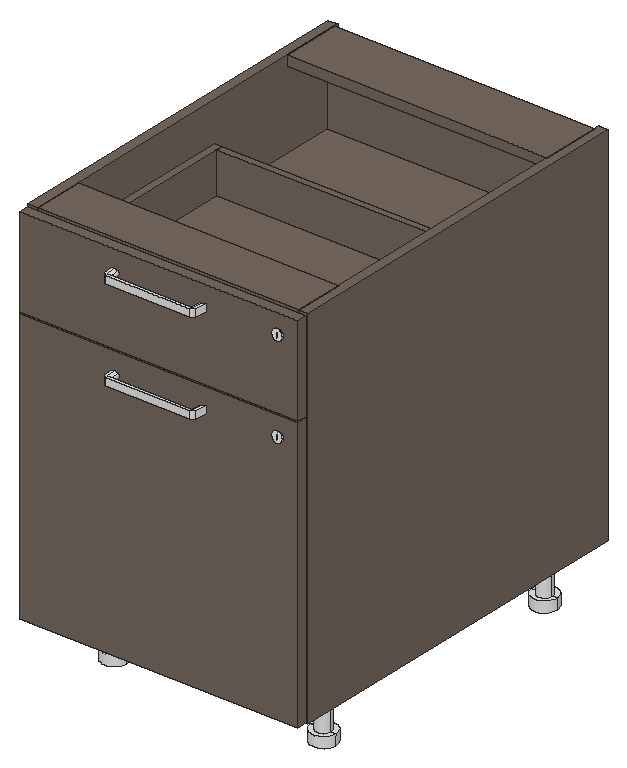
Revit family "Base_Cabinets-Teknion-CEBDS_Base_Cabinet_Door(s)_And_Drawer(s)-R2022", category Furniture, Revit 2023
Family settings
  OmniClass Number = 23.40.20.00
  OmniClass Title = General Furniture and Specialties
  Work Plane-Based = No
  Enable Cutting in Views = No
  Always vertical = Yes
  Cut with Voids When Loaded = No
  Render Appearance Source = Family Geometry
  Shared = Yes
  Room Calculation Point = No
Parameters (values of type "One Door & One Drawer Configuration")
  X - Two Doors & Two Drawers = no
  Width [instance] = 21.000"
  Warranty = "http://www.teknion.com/ca/papers/legal-canada"
  Unit Weight URL = "http://www.teknion.com/ca/tools/assets#&asset=bee6a381-b954-425e-8283-5a2de3a804f2,f828d448-4b62-4231-9e5f-9a8991c0ed77"
  Undermount - Center [instance] = and([U - Undermount - Soft Close], [X - Two Doors & Two Drawers])  # no
  Undermount [instance] = [U - Undermount - Soft Close]  # no
  URL = "www.teknion.com"
  U - Undermount - Soft Close [instance] = no
  Two Drawers = [X - Two Doors & Two Drawers]  # no
  To render please download texture images found here [instance] = "https://assets.teknion.com/web/5e81352c1dfdb467/revit-material-swatches/"
  T - Two Doors & One Drawer = no
  Sustainability Data = "https://www.teknion.com/ca/tools/assets#&topic=216f99a5-57a0-44fc-b10a-9dee9b29ae4c&asset=444deb64-fe58-4b68-981e-f75e97781df7,b4ff2d81-9f2e-437d-9659-7cffb09c31cf"
  Standard Drawer - Center [instance] = and([S - Standard - Soft Close], [X - Two Doors & Two Drawers])  # no
  Standard Drawer [instance] = [S - Standard - Soft Close]  # yes
  Series = "Expansion Casework+"  # constant formula
  S - Standard - Soft Close [instance] = not([U - Undermount - Soft Close])  # yes
  R - Door Swing - Right [instance] = no
  Pull Finish [instance] = Paint - Teknion - Foundation - Crisp Grey
  Product Page URL = "https://www.teknion.com/ca/products/product-details?productLineId=30ca1270-8e7a-673b-a6c8-ff05004460c4"
  Product Line = "Base Cabinets"  # constant formula
  Product Documentation Link = "https://www.teknion.com/pricing/expansion-casework/pdfs/CEBDS_ppg.pdf"
  Part Number = "CEBDS"  # constant formula
  One Drawer = or([O - One Door & One Drawer], [T - Two Doors & One Drawer])  # yes
  O - One Door & One Drawer = yes
  Model = "CEBDSO_____"
  Manufacturer Phone = "416-661-3370"  # constant formula
  Manufacturer Fax = "416.661.4586"  # constant formula
  Manufacturer Contact Information = "http://www.teknion.com/ca/contactus"
  Manufacturer Address = "1150 Flint Road, Toronto, ON. M3J 2J5. Canada"  # constant formula
  Manufacturer = "Teknion"  # constant formula
  MR - 2 Handles = or([T - Two Doors & One Drawer], [X - Two Doors & Two Drawers])  # no
  MR - 1 Handle = or([O - One Door & One Drawer], [T - Two Doors & One Drawer])  # yes
  Lock - 1 Door - R [instance] = and([R - Door Swing - Right], [O - One Door & One Drawer])  # no
  Lock - 2 Drawers [instance] = and([S - Standard - Soft Close], [X - Two Doors & Two Drawers])  # no
  Lock - 2 Doors = or([T - Two Doors & One Drawer], [X - Two Doors & Two Drawers])  # no
  Lock - 1 Drawer [instance] = [S - Standard - Soft Close]  # yes
  Lock - 1 Door - L [instance] = and([L - Door Swing - Left], [O - One Door & One Drawer])  # yes
  L - Door Swing - Left [instance] = yes
  How To Use Teknion Materials User Guide [instance] = "https://assets.teknion.com/m/205dd0a49fa58060/original/How-to-add-a-Material-Library-and-Texture-Images-to-your-Revit-project.pdf"
  Height [instance] = 32.000"
  Handle 2 - Drawer - 35H [instance] = and([X - Two Doors & Two Drawers], Height = 35.000")  # no
  Handle 2 - Drawer - 32H [instance] = and([X - Two Doors & Two Drawers], Height = 32.000")  # no
  Handle 2 - Door - 32H [instance] = and((or([T - Two Doors & One Drawer], [X - Two Doors & Two Drawers])), Height = 32.000")  # no
  Handle 2 - Door - 35H [instance] = and((or([T - Two Doors & One Drawer], [X - Two Doors & Two Drawers])), Height = 35.000")  # no
  Handle 1 - Drawer - 35H [instance] = and((or([O - One Door & One Drawer], [T - Two Doors & One Drawer])), Height = 35.000")  # no
  Handle 1 - Drawer - 32H [instance] = and((or([O - One Door & One Drawer], [T - Two Doors & One Drawer])), Height = 32.000")  # yes
  Handle 1 - Door - 35H [instance] = and([O - One Door & One Drawer], Height = 35.000")  # no
  Handle 1 - Door - 32H [instance] = and([O - One Door & One Drawer], Height = 32.000")  # yes
  Front Finish [instance] = Source Laminate - Teknion - 3M - Provincial Oak
  For Additional Finishes please visit [instance] = "https://assets.teknion.com/m/44a8009b046e5d47/original/Teknion_Materials_Library.zip"
  Foot Finish [instance] = Paint - Teknion - Foundation - Crisp Grey
  Drawer Style [instance] = "Select one drawer style. Standard - soft close is default."  # constant formula
  Door Swing Direction [instance] = "Door swing direction only available for configuration One Door & One Drawer (O)."  # constant formula
  Dim 9 [instance] = if(Height = 32.000", 5.886", 6.699")  # 5.886"
  Dim 8 [instance] = if((and([S - Standard - Soft Close], Height = 32.000")), 3.858", if((and([S - Standard - Soft Close], Height = 35.000")), 4.685", if((and([U - Undermount - Soft Close], Height = 32.000")), 4.331", 5.114")))  # 3.858"
  Dim 7 [instance] = if(Height = 32.000", 6.875", 7.687")  # 6.875"
  Dim 6 [instance] = if([U - Undermount - Soft Close], 19.992", 16.843")  # 16.843"
  Dim 5 [instance] = if(Width = 36.000", 9.000", if(Width = 33.000", 8.250", if(Width = 30.000", 7.500", if(Width = 27.000", 6.750", 6.000"))))  # 6.000"
  Dim 4 [instance] = if(Height = 32.000", 8.453", 9.266")  # 8.453"
  Dim 3 [instance] = if(Height = 32.000", 6.583", 7.396")  # 6.583"
  Dim 2 [instance] = if(Height = 32.000", 6.993", 7.805")  # 6.993"
  Dim 15 [instance] = if(Height = 32.000", 5.792", 6.604")  # 5.792"
  Dim 14 [instance] = if(Height = 32.000", 5.882", 6.695")  # 5.882"
  Dim 13 [instance] = if([S - Standard - Soft Close], 0.520", 0.630")  # 0.520"
  Dim 12 [instance] = if([S - Standard - Soft Close], 1.740", 1.528")  # 1.740"
  Dim 11 [instance] = if([S - Standard - Soft Close], 0.791", 1.220")  # 0.791"
  Dim 10 [instance] = if([S - Standard - Soft Close], 0.488", 1.122")  # 0.488"
  Dim 1 [instance] = if(Height = 32.000", 6.756", 7.569")  # 6.756"
  Description = "Base Cabinet - Door(s) and Drawer(s), One Door & One Drawer Configuration"
  Depth [instance] = 29.000"
  Default Elevation = 0.000"
  Cut-Out - Front 2 = if((or([T - Two Doors & One Drawer], [X - Two Doors & Two Drawers])), 3.000", 0.300")  # 0.300"
  Cut-Out - Front 1 = if([X - Two Doors & Two Drawers], 3.000", 0.300")  # 0.300"
  Configuration = ""
  Case Finish [instance] = Source Laminate - Teknion - 3M - Provincial Oak
  Available Width [instance] = if([O - One Door & One Drawer], "12, 15, 18 & 21 Inch", "24, 27, 30, 33 & 36 Inch")  # "12, 15, 18 & 21 Inch"
  Available Height [instance] = "32 & 35 Inch"  # constant formula
  Available Depth [instance] = "24 & 29 Inch"  # constant formula
  Assembly Code = "E2020200"
  Actual Height [instance] = if(Height = 32.000", Height - 0.250", Height + 0.000")  # 31.750"
  2D - Two Drawers - 29D [instance] = or((and(Two Drawers, Depth = 29.000")), (and((and(Two Drawers, Depth = 24.000")), [S - Standard - Soft Close])))  # no
  2D - Two Drawers - 24D [instance] = and((and(Two Drawers, Depth = 24.000")), [U - Undermount - Soft Close])  # no
  2D - Two Doors = or([T - Two Doors & One Drawer], [X - Two Doors & Two Drawers])  # no
  2D - One Drawer - 29D [instance] = or((and(One Drawer, Depth = 29.000")), (and((and(One Drawer, Depth = 24.000")), [S - Standard - Soft Close])))  # yes
  2D - One Drawer - 24D [instance] = and((and(One Drawer, Depth = 24.000")), [U - Undermount - Soft Close])  # no
  MR - Lock - 2 Doors / 2 Drawers [instance] = or([Lock - 2 Doors], [Lock - 2 Drawers])  # no
Reference planes (in)
  plane 1 "Center Front/Back": y = -14.5
  plane 2: z = 0
  plane 3 "Center Left/Right": x = 21
  plane 4 "Left": x = 10.5
  plane 5 "Right": x = 31.5
  plane 6 "Back": y = 0
  plane 7 "Front": y = -29
  plane 8 "Top": z = 31.75
  plane 9: x = 27
  plane 10: x = 15
  plane 11: z = 4.13386
  plane 12 "Foot 2": y = -2.59843
  plane 13 "Foot 1": y = -23.35433
  plane 14: y = -12.157
  plane 15: z = 24.875
  plane 16: y = -28.29921
  plane 17: y = -28.29921
  plane 18: y = -12.944
Forms (in)
  Sweep 1, solid, material "Source Laminate - Teknion - 3M - Provincial Oak" <- "Case Finish"
    path origin (0, 0, 0) x (1, 0, 0) y (0, 1, 0)
      loop
        line (10.5, -14.5) -> (11.20079, -14.5)
    profile origin (10.85039, -14.5, 0) x (0, 1, 0) y (0, 0, 1)
      loop
        line (14.5, 31.75) -> (-13.66142, 31.75) -> (-13.66142, 4.13386) -> (14.5, 4.13386) -> (14.5, 31.75)
  Sweep 2, solid, material "Source Laminate - Teknion - 3M - Provincial Oak" <- "Case Finish"
    path origin (0, 0, 0) x (1, 0, 0) y (0, 1, 0)
      loop
        line (31.5, -14.5) -> (30.79921, -14.5)
    profile origin (31.14961, -14.5, 0) x (0, -1, 0) y (0, 0, 1)
      loop
        line (-14.5, 31.75) -> (-14.5, 4.13386) -> (13.66142, 4.13386) -> (13.66142, 31.75) -> (-14.5, 31.75)
  Sweep 3, solid, material "Source Laminate - Teknion - 3M - Provincial Oak" <- "Case Finish"
    path origin (0, 0, 0) x (1, 0, 0) y (0, 1, 0)
      loop
        line (30.79921, -14.5) -> (11.20079, -14.5)
    profile origin (21, -14.5, 0) x (0, -1, 0) y (0, 0, 1)
      loop
        line (9.88189, 31.04921) -> (13.66142, 31.04921) -> (13.66142, 31.75) -> (9.88189, 31.75) -> (9.88189, 31.04921)
      loop
        line (-9.70472, 31.04921) -> (-9.70472, 31.75) -> (-14.18504, 31.75) -> (-14.18504, 31.04921) -> (-9.70472, 31.04921)
  Sweep 4, solid, material "Source Laminate - Teknion - 3M - Provincial Oak" <- "Case Finish"
    path origin (0, 0, 0) x (1, 0, 0) y (0, 1, 0)
      loop
        line (30.79921, -14.5) -> (11.20079, -14.5)
    profile origin (21, -14.5, 0) x (0, -1, 0) y (0, 0, 1)
      loop
        line (-13.48425, 31.04921) -> (-14.18504, 31.04921) -> (-14.18504, 5.14961) -> (-13.48425, 5.14961) -> (-13.48425, 31.04921)
  Sweep 5, solid, material "Source Laminate - Teknion - 3M - Provincial Oak" <- "Front Finish"
    path origin (0, 0, 0) x (1, 0, 0) y (0, 1, 0)
      loop
        line (21, -29) -> (21, -28.29921)
    profile origin (21, -28.64961, 0) x (-1, 0, 0) y (0, 0, 1)
      loop
        line (-10.44094, 24.757) -> (-10.44094, 4.25197) -> (10.44094, 4.25197) -> (10.44094, 24.757) -> (-10.44094, 24.757)
  Sweep 6, solid, material "Paint - Teknion - Foundation - Crisp Grey" <- "Pull Finish", visible <- "Handle 2 - Door - 32H"
    path origin (0, -14.5, -7.12451) x (1, 0, 0) y (0, 0, 1)
      loop
        line (21, 30.57283) -> (21, 30.04183)
    profile origin (21, -14.5, 23.18283) x (0, -1, 0) y (1, 0, 0)
      loop
        line (14.5, -9.49508) -> (15.30409, -9.39635)
        arc (15.30409, -9.39635) -> (15.46086, -9.31387) -> (15.52362, -9.14821) r 0.25
        line (15.52362, -9.14821) -> (15.52362, -2.85179)
        arc (15.52362, -2.85179) -> (15.46086, -2.68613) -> (15.30409, -2.60365) r 0.25
        line (15.30409, -2.60365) -> (14.5, -2.50492) -> (14.5, -2.64272) -> (15.2874, -2.76835) -> (15.2874, -9.23165) -> (14.5, -9.35728) -> (14.5, -9.49508)
      loop
        line (14.5, 2.50492) -> (15.30409, 2.60365)
        arc (15.30409, 2.60365) -> (15.46086, 2.68613) -> (15.52362, 2.85179) r 0.25
        line (15.52362, 2.85179) -> (15.52362, 9.14821)
        arc (15.52362, 9.14821) -> (15.46086, 9.31387) -> (15.30409, 9.39635) r 0.25
        line (15.30409, 9.39635) -> (14.5, 9.49508) -> (14.5, 9.35728) -> (15.2874, 9.23165) -> (15.2874, 2.76835) -> (14.5, 2.64272) -> (14.5, 2.50492)
  Sweep 7, void
    path origin (0, -14.5, -7.12451) x (1, 0, 0) y (0, 0, 1)
      loop
        line (21, 42.12451) -> (21, 29.6875)
    profile origin (21, -14.5, 28.7815) x (0, -1, 0) y (1, 0, 0)
      loop
        line (15.2874, -9.55845) -> (15.7874, -9.55845) -> (15.7874, -2.44155) -> (15.2874, -2.44155) -> (15.2874, -9.55845)
      loop
        line (14.5, -9.55845) -> (14.5, -2.44155) -> (13.90625, -2.44155) -> (13.90625, -9.55845) -> (14.5, -9.55845)
      loop
        line (15.2874, 9.55845) -> (15.2874, 2.44155) -> (15.7874, 2.44155) -> (15.7874, 9.55845) -> (15.2874, 9.55845)
      loop
        line (14.5, 9.55845) -> (13.90625, 9.55845) -> (13.90625, 2.44155) -> (14.5, 2.44155) -> (14.5, 9.55845)
  Sweep 8, solid, material "Paint - Teknion - Foundation - Crisp Grey" <- "Pull Finish", visible <- "Handle 2 - Door - 32H"
    path origin (0, 0, 0) x (1, 0, 0) y (0, 1, 0)
      loop
        line (18.4286, -28.55302) -> (18.17469, -30.14439)
    profile origin (18.30164, -29.3487, 0) x (0.987508, -0.157566, 0) y (0, 0, 1)
      loop
        line (-0.0382, 22.91733) -> (0, 22.91733) -> (0, 23.44833) -> (-0.0382, 23.44833) -> (-0.27511, 23.33416)
        arc (-0.27511, 23.33416) -> (-0.37017, 23.18283) -> (-0.27511, 23.03149) r 0.16799
        line (-0.27511, 23.03149) -> (-0.0382, 22.91733)
  Sweep 9, solid, material "Paint - Teknion - Foundation - Crisp Grey" <- "Pull Finish", visible <- "Handle 2 - Door - 32H"
    path origin (21, 0, 0) x (1, 0, 0) y (0, 1, 0)
      loop
        line (9.4286, -28.55302) -> (9.17469, -30.14439)
    profile origin (30.30164, -29.3487, 0) x (0.987508, -0.157566, 0) y (0, 0, 1)
      loop
        line (-0.0382, 22.91733) -> (0, 22.91733) -> (0, 23.44833) -> (-0.0382, 23.44833) -> (-0.27511, 23.33416)
        arc (-0.27511, 23.33416) -> (-0.37017, 23.18283) -> (-0.27511, 23.03149) r 0.16799
        line (-0.27511, 23.03149) -> (-0.0382, 22.91733)
  Sweep 10, solid, material "Paint - Teknion - Foundation - Crisp Grey" <- "Pull Finish", visible <- "Handle 2 - Door - 32H"
    path origin (42, 0, 0) x (-1, 0, 0) y (0, -1, 0)
      loop
        line (18.4286, 28.55302) -> (18.17469, 30.14439)
    profile origin (23.69836, -29.3487, 0) x (0.987508, 0.157566, 0) y (0, 0, 1)
      loop
        line (0.03717, 23.44833) -> (0, 23.44833) -> (0, 22.91733) -> (0.0382, 22.91733) -> (0.27511, 23.03149)
        arc (0.27511, 23.03149) -> (0.37002, 23.18258) -> (0.27511, 23.33367) r 0.16772
        line (0.27511, 23.33367) -> (0.03717, 23.44833)
  Sweep 11, solid, material "Paint - Teknion - Foundation - Crisp Grey" <- "Pull Finish", visible <- "Handle 2 - Door - 32H"
    path origin (0, 0, 0) x (1, 0, 0) y (0, 1, 0)
      loop
        line (11.5714, -28.55302) -> (11.82531, -30.14439)
    profile origin (11.69836, -29.3487, 0) x (0.987508, 0.157566, 0) y (0, 0, 1)
      loop
        line (0.27167, 23.33367) -> (0.03671, 23.44833) -> (0, 23.44833) -> (0, 22.91733) -> (0.03773, 22.91733) -> (0.27167, 23.03149)
        arc (0.27167, 23.03149) -> (0.36606, 23.18258) -> (0.27167, 23.33367) r 0.16812
  Sweep 12, solid, material "Source Laminate - Teknion - 3M - Provincial Oak" <- "Case Finish"
    path origin (0, -14.5, 0) x (1, 0, 0) y (0, 0, 1)
      loop
        line (21, 5.14961) -> (21, 4.13386)
    profile origin (21, -14.5, 4.64173) x (0, -1, 0) y (1, 0, 0)
      loop
        line (-14.18504, 9.79921) -> (-14.18504, -9.79921) -> (13.66142, -9.79921) -> (13.66142, 9.79921) -> (-14.18504, 9.79921)
  Sweep 13, solid, material "Metal - Teknion - C6 - Chrome", visible <- "Lock - 2 Doors"
    path origin (0, 0, 0) x (1, 0, 0) y (0, 1, 0)
      loop
        line (21, -29.05906) -> (21, -29)
    profile origin (21, -29.02953, 0) x (-1, 0, 0) y (0, 0, 1)
      loop
        circle (1.5748, 23.297) r 0.3937
      loop
        line (1.62402, 23.48401) -> (1.52559, 23.48401) -> (1.52559, 23.10999) -> (1.62402, 23.10999) -> (1.62402, 23.48401)
  Sweep 14, solid, material "Paint - Teknion - Foundation - Crisp Grey" <- "Pull Finish", visible <- "Handle 2 - Door - 35H"
    path origin (0, -14.5, -7.68701) x (1, 0, 0) y (0, 0, 1)
      loop
        line (21, 33.57283) -> (21, 33.04183)
    profile origin (21, -14.5, 25.62033) x (0, -1, 0) y (1, 0, 0)
      loop
        line (15.52362, -9.14821) -> (15.52362, -2.85179)
        arc (15.52362, -2.85179) -> (15.46086, -2.68613) -> (15.30409, -2.60365) r 0.25
        line (15.30409, -2.60365) -> (14.5, -2.50492) -> (14.5, -2.64272) -> (15.2874, -2.76835) -> (15.2874, -9.23165) -> (14.5, -9.35728) -> (14.5, -9.49508) -> (15.30409, -9.39635)
        arc (15.30409, -9.39635) -> (15.46086, -9.31387) -> (15.52362, -9.14821) r 0.25
      loop
        arc (15.52362, 9.14821) -> (15.46086, 9.31387) -> (15.30409, 9.39635) r 0.25
        line (15.30409, 9.39635) -> (14.5, 9.49508) -> (14.5, 9.35728) -> (15.2874, 9.23165) -> (15.2874, 2.76835) -> (14.5, 2.64272) -> (14.5, 2.50492) -> (15.30409, 2.60365)
        arc (15.30409, 2.60365) -> (15.46086, 2.68613) -> (15.52362, 2.85179) r 0.25
        line (15.52362, 2.85179) -> (15.52362, 9.14821)
  Sweep 15, solid, material "Paint - Teknion - Foundation - Crisp Grey" <- "Pull Finish", visible <- "Handle 2 - Door - 35H"
    path origin (0, 0, 0) x (1, 0, 0) y (0, 1, 0)
      loop
        line (11.5714, -28.55302) -> (11.82531, -30.14439)
    profile origin (11.69836, -29.3487, 0) x (0.987508, 0.157566, 0) y (0, 0, 1)
      loop
        line (0.27167, 25.77117) -> (0.03671, 25.88583) -> (0, 25.88583) -> (0, 25.35483) -> (0.03773, 25.35483) -> (0.27167, 25.46899)
        arc (0.27167, 25.46899) -> (0.36606, 25.62008) -> (0.27167, 25.77117) r 0.16812
  Sweep 16, solid, material "Paint - Teknion - Foundation - Crisp Grey" <- "Pull Finish", visible <- "Handle 2 - Door - 35H"
    path origin (0, 0, 0) x (1, 0, 0) y (0, 1, 0)
      loop
        line (18.17469, -30.14439) -> (18.4286, -28.55302)
    profile origin (18.30164, -29.3487, 0) x (-0.987508, 0.157566, 0) y (0, 0, 1)
      loop
        line (0.27511, 25.77166) -> (0.0382, 25.88583) -> (0, 25.88583) -> (0, 25.35483) -> (0.0382, 25.35483) -> (0.27511, 25.46899)
        arc (0.27511, 25.46899) -> (0.37017, 25.62033) -> (0.27511, 25.77166) r 0.16799
  Sweep 17, solid, material "Paint - Teknion - Foundation - Crisp Grey" <- "Pull Finish", visible <- "Handle 2 - Door - 35H"
    path origin (0, 0, 0) x (1, 0, 0) y (0, 1, 0)
      loop
        line (23.5714, -28.55302) -> (23.82531, -30.14439)
    profile origin (23.69836, -29.3487, 0) x (0.987508, 0.157566, 0) y (0, 0, 1)
      loop
        arc (0.27511, 25.46899) -> (0.37002, 25.62008) -> (0.27511, 25.77117) r 0.16772
        line (0.27511, 25.77117) -> (0.03717, 25.88583) -> (0, 25.88583) -> (0, 25.35483) -> (0.0382, 25.35483) -> (0.27511, 25.46899)
  Sweep 18, solid, material "Paint - Teknion - Foundation - Crisp Grey" <- "Pull Finish", visible <- "Handle 2 - Door - 35H"
    path origin (0, 0, 0) x (1, 0, 0) y (0, 1, 0)
      loop
        line (30.17469, -30.14439) -> (30.4286, -28.55302)
    profile origin (30.30164, -29.3487, 0) x (-0.987508, 0.157566, 0) y (0, 0, 1)
      loop
        arc (0.27511, 25.46899) -> (0.37017, 25.62033) -> (0.27511, 25.77166) r 0.16799
        line (0.27511, 25.77166) -> (0.0382, 25.88583) -> (0, 25.88583) -> (0, 25.35483) -> (0.0382, 25.35483) -> (0.27511, 25.46899)
  Revolve 19, solid, material "Paint - Teknion - Foundation - Crisp Grey" <- "Foot Finish"
    sketch origin (0, -23.35433, 0) x (-1, 0, 0) y (0, 0, 1)
      loop
        line (-13.14567, 4.13386) -> (-13.14567, 0) -> (-12.20276, 0) -> (-12.20276, 0.7874) -> (-12.59449, 0.7874) -> (-12.59449, 3.11024) -> (-12.20846, 3.11024) -> (-12.20846, 4.13386) -> (-13.14567, 4.13386)
      axis (-13.14567, 4.13386) -> (-13.14567, 0)
    angle from 0 to 360
  Revolve 20, solid, material "Paint - Teknion - Foundation - Crisp Grey" <- "Foot Finish"
    sketch origin (36.70866, -23.35433, 0) x (-1, 0, 0) y (0, 0, 1)
      loop
        line (7.85433, 4.13386) -> (7.85433, 0) -> (8.79724, 0) -> (8.79724, 0.7874) -> (8.40551, 0.7874) -> (8.40551, 3.11024) -> (8.79154, 3.11024) -> (8.79154, 4.13386) -> (7.85433, 4.13386)
      axis (7.85433, 4.13386) -> (7.85433, 0)
    angle from 0 to 360
  Revolve 21, solid, material "Paint - Teknion - Foundation - Crisp Grey" <- "Foot Finish"
    sketch origin (4.75, -2.59843, 0) x (-1, 0, 0) y (0, 0, 1)
      loop
        line (-24.10433, 4.13386) -> (-24.10433, 0) -> (-23.16142, 0) -> (-23.16142, 0.7874) -> (-23.55315, 0.7874) -> (-23.55315, 3.11024) -> (-23.16713, 3.11024) -> (-23.16713, 4.13386) -> (-24.10433, 4.13386)
      axis (-24.10433, 4.13386) -> (-24.10433, 0)
    angle from 0 to 360
  Revolve 22, solid, material "Paint - Teknion - Foundation - Crisp Grey" <- "Foot Finish"
    sketch origin (37.25, -2.59843, 0) x (1, 0, 0) y (0, 0, -1)
      loop
        line (-24.10433, -4.13386) -> (-24.10433, 0) -> (-25.04724, 0) -> (-25.04724, -0.7874) -> (-24.65551, -0.7874) -> (-24.65551, -3.11024) -> (-25.04154, -3.11024) -> (-25.04154, -4.13386) -> (-24.10433, -4.13386)
      axis (-24.10433, -4.13386) -> (-24.10433, 0)
    angle from 0 to 360
  Sweep 23, solid, material "Source Laminate - Teknion - 3M - Provincial Oak" <- "Front Finish"
    path origin (0, 0, 0) x (1, 0, 0) y (0, 1, 0)
      loop
        line (21, -28.29921) -> (21, -29)
    profile origin (21, -28.64961, 0) x (1, 0, 0) y (0, 0, 1)
      loop
        line (10.44094, 24.87589) -> (10.44094, 31.63189) -> (-10.44094, 31.63189) -> (-10.44094, 24.87589) -> (10.44094, 24.87589)
  Sweep 24, solid, material "Source Laminate - Teknion - 3M - Provincial Oak" <- "Case Finish"
    path origin (0, 0, 0) x (1, 0, 0) y (0, 1, 0)
      loop
        line (30.79921, -14.5) -> (11.20079, -14.5)
    profile origin (21, -14.5, 0) x (0, -1, 0) y (0, 0, 1)
      loop
        line (-13.48425, 25.167) -> (-13.48425, 24.46621) -> (13.66142, 24.46621) -> (13.66142, 25.167) -> (-13.48425, 25.167)
      loop
        line (8.46457, 18.83465) -> (-13.48425, 18.83465) -> (-13.48425, 18.13386) -> (8.46457, 18.13386) -> (8.46457, 18.83465)
  Sweep 25, solid, material "Source Laminate - Teknion - 3M - Provincial Oak" <- "Case Finish", visible <- "Two Drawers"
    path origin (0, 0, 0) x (1, 0, 0) y (0, 1, 0)
      loop
        line (21, -1.01575) -> (21, -28.16142)
    profile origin (21, -14.58858, 0) x (1, 0, 0) y (0, 0, 1)
      loop
        line (0.70079, 31.04921) -> (-0.70079, 31.04921) -> (-0.70079, 25.16721) -> (0.70079, 25.16721) -> (0.70079, 31.04921)
  Sweep 26, solid, material "Paint - Teknion - Mica - Platinum", visible <- "Undermount"
    path origin (0, 0, 0) x (1, 0, 0) y (0, 1, 0)
      loop
        line (21, -28.16142) -> (21, -11.68504)
    profile origin (21, -19.92323, 0) x (-1, 0, 0) y (0, 0, 1)
      loop
        line (9.10236, 25.52493) -> (9.10236, 25.958) -> (7.60236, 25.958) -> (7.60236, 25.52493) -> (9.10236, 25.52493)
      loop
        line (-7.60236, 25.52493) -> (-7.60236, 25.958) -> (-9.10236, 25.958) -> (-9.10236, 25.52493) -> (-7.60236, 25.52493)
  Sweep 27, solid, material "Paint - Teknion - Mica - Platinum", visible <- "Undermount - Center"
    path origin (0, 0, 0) x (1, 0, 0) y (0, 1, 0)
      loop
        line (21, -28.16142) -> (21, -11.68504)
    profile origin (21, -19.92323, 0) x (-1, 0, 0) y (0, 0, 1)
      loop
        line (2.90157, 25.52493) -> (2.90157, 25.958) -> (1.40157, 25.958) -> (1.40157, 25.52493) -> (2.90157, 25.52493)
      loop
        line (-1.40157, 25.52493) -> (-1.40157, 25.958) -> (-2.90157, 25.958) -> (-2.90157, 25.52493) -> (-1.40157, 25.52493)
  Sweep 28, solid, material "Source Laminate - Teknion - 3M - Provincial Oak" <- "Front Finish", visible <- "One Drawer"
    path origin (0, -23.35433, 0) x (-1, 0, 0) y (0, 0, 1)
      loop
        line (-21, 26.154) -> (-21, 25.363)
    profile origin (21, -23.35433, 25.7585) x (0, 1, 0) y (-1, 0, 0)
      loop
        line (10.67733, -8.76) -> (10.67733, 8.76) -> (-4.42488, 8.76) -> (-4.42488, -8.76) -> (10.67733, -8.76)
  Sweep 29, solid, material "Source Laminate - Teknion - 3M - Provincial Oak" <- "Front Finish", visible <- "One Drawer"
    path origin (0, -23.35433, 0) x (-1, 0, 0) y (0, 0, 1)
      loop
        line (-21, 25.363) -> (-21, 29.221)
    profile origin (21, -23.35433, 27.292) x (1, 0, 0) y (0, 1, 0)
      loop
        line (-8.76, -4.42488) -> (-8.76, -4.94488) -> (8.76, -4.94488) -> (8.76, -4.42488) -> (-8.76, -4.42488)
      loop
        line (-8.76, 11.19733) -> (-8.76, 10.67733) -> (8.76, 10.67733) -> (8.76, 11.19733) -> (-8.76, 11.19733)
  Sweep 30, solid, material "Source Laminate - Teknion - 3M - Provincial Oak" <- "Front Finish", visible <- "One Drawer"
    path origin (0, -23.35433, 0) x (-1, 0, 0) y (0, 0, 1)
      loop
        line (-21, 29.221) -> (-21, 25.363)
    profile origin (21, -23.35433, 27.292) x (0, 1, 0) y (-1, 0, 0)
      loop
        line (11.19733, -9.28) -> (11.19733, -8.76) -> (-4.94488, -8.76) -> (-4.94488, -9.28) -> (11.19733, -9.28)
      loop
        line (11.19733, 9.28) -> (-4.94488, 9.28) -> (-4.94488, 8.76) -> (11.19733, 8.76) -> (11.19733, 9.28)
  Sweep 31, solid, material "Source Laminate - Teknion - 3M - Provincial Oak" <- "Front Finish", visible <- "Two Drawers"
    path origin (0, -23.35433, 0) x (-1, 0, 0) y (0, 0, 1)
      loop
        line (-21, 26.154) -> (-21, 25.363)
    profile origin (21, -23.35433, 25.7585) x (0, 1, 0) y (-1, 0, 0)
      loop
        line (10.67733, 8.76) -> (-4.42488, 8.76) -> (-4.42488, 1.74) -> (10.67733, 1.74) -> (10.67733, 8.76)
      loop
        line (-4.42488, -8.76) -> (10.67733, -8.76) -> (10.67733, -1.74) -> (-4.42488, -1.74) -> (-4.42488, -8.76)
  Sweep 32, solid, material "Source Laminate - Teknion - 3M - Provincial Oak" <- "Front Finish", visible <- "Two Drawers"
    path origin (0, -23.35433, 0) x (-1, 0, 0) y (0, 0, 1)
      loop
        line (-21, 29.221) -> (-21, 25.363)
    profile origin (21, -23.35433, 27.292) x (0, 1, 0) y (-1, 0, 0)
      loop
        line (11.19733, 9.28) -> (-4.94488, 9.28) -> (-4.94488, 8.76) -> (11.19733, 8.76) -> (11.19733, 9.28)
      loop
        line (11.19733, 1.22) -> (11.19733, 1.74) -> (-4.94488, 1.74) -> (-4.94488, 1.22) -> (11.19733, 1.22)
      loop
        line (11.19733, -9.28) -> (11.19733, -8.76) -> (-4.94488, -8.76) -> (-4.94488, -9.28) -> (11.19733, -9.28)
      loop
        line (11.19733, -1.22) -> (-4.94488, -1.22) -> (-4.94488, -1.74) -> (11.19733, -1.74) -> (11.19733, -1.22)
  Sweep 33, solid, material "Source Laminate - Teknion - 3M - Provincial Oak" <- "Front Finish", visible <- "Two Drawers"
    path origin (0, -23.35433, 0) x (-1, 0, 0) y (0, 0, 1)
      loop
        line (-21, 25.363) -> (-21, 29.221)
    profile origin (21, -23.35433, 27.292) x (1, 0, 0) y (0, 1, 0)
      loop
        line (-8.76, 11.19733) -> (-8.76, 10.67733) -> (-1.74, 10.67733) -> (-1.74, 11.19733) -> (-8.76, 11.19733)
      loop
        line (-8.76, -4.42488) -> (-8.76, -4.94488) -> (-1.74, -4.94488) -> (-1.74, -4.42488) -> (-8.76, -4.42488)
      loop
        line (8.76, 11.19733) -> (1.74, 11.19733) -> (1.74, 10.67733) -> (8.76, 10.67733) -> (8.76, 11.19733)
      loop
        line (8.76, -4.42488) -> (1.74, -4.42488) -> (1.74, -4.94488) -> (8.76, -4.94488) -> (8.76, -4.42488)
  Sweep 34, void
    path origin (0, 0, 0) x (1, 0, 0) y (0, 1, 0)
      loop
        line (21, -30.5) -> (21, -30.2)
    profile origin (21, -30.35, 0) x (-1, 0, 0) y (0, 0, 1)
      loop
        line (-0.05906, 24.81153) -> (0.05906, 24.81153) -> (0.05906, 31.75) -> (-0.05906, 31.75) -> (-0.05906, 24.81153)
  Sweep 35, void
    path origin (0, 0, 0) x (1, 0, 0) y (0, 1, 0)
      loop
        line (21, -30.5) -> (21, -30.2)
    profile origin (21, -30.35, 0) x (-1, 0, 0) y (0, 0, 1)
      loop
        line (0.05906, 24.81153) -> (-0.05906, 24.81153) -> (-0.05906, 4.13386) -> (0.05906, 4.13386) -> (0.05906, 24.81153)
  Sweep 36, solid, material "Paint - Teknion - Foundation - Crisp Grey" <- "Pull Finish", visible <- "Handle 2 - Drawer - 35H"
    path origin (0, -23.35433, 0) x (-1, 0, 0) y (0, 0, 1)
      loop
        line (-21, 33.57283) -> (-21, 33.04183)
    profile origin (21, -23.35433, 33.30733) x (0, 1, 0) y (-1, 0, 0)
      loop
        line (-5.64567, 9.49508) -> (-6.44976, 9.39635)
        arc (-6.44976, 9.39635) -> (-6.60653, 9.31387) -> (-6.66929, 9.14821) r 0.25
        line (-6.66929, 9.14821) -> (-6.66929, 2.85179)
        arc (-6.66929, 2.85179) -> (-6.60653, 2.68613) -> (-6.44976, 2.60365) r 0.25
        line (-6.44976, 2.60365) -> (-5.64567, 2.50492) -> (-5.64567, 2.64272) -> (-6.43307, 2.76835) -> (-6.43307, 9.23165) -> (-5.64567, 9.35728) -> (-5.64567, 9.49508)
      loop
        line (-5.64567, -2.50492) -> (-6.44976, -2.60365)
        arc (-6.44976, -2.60365) -> (-6.60653, -2.68613) -> (-6.66929, -2.85179) r 0.25
        line (-6.66929, -2.85179) -> (-6.66929, -9.14821)
        arc (-6.66929, -9.14821) -> (-6.60653, -9.31387) -> (-6.44976, -9.39635) r 0.25
        line (-6.44976, -9.39635) -> (-5.64567, -9.49508) -> (-5.64567, -9.35728) -> (-6.43307, -9.23165) -> (-6.43307, -2.76835) -> (-5.64567, -2.64272) -> (-5.64567, -2.50492)
  Sweep 37, solid, material "Paint - Teknion - Foundation - Crisp Grey" <- "Pull Finish", visible <- "Handle 2 - Drawer - 32H"
    path origin (0, -23.35433, 0) x (-1, 0, 0) y (0, 0, 1)
      loop
        line (-21, 30.32697) -> (-21, 29.79597)
    profile origin (21, -23.35433, 30.06147) x (0, 1, 0) y (-1, 0, 0)
      loop
        line (-5.64567, 9.49508) -> (-6.44976, 9.39635)
        arc (-6.44976, 9.39635) -> (-6.60653, 9.31387) -> (-6.66929, 9.14821) r 0.25
        line (-6.66929, 9.14821) -> (-6.66929, 2.85179)
        arc (-6.66929, 2.85179) -> (-6.60653, 2.68613) -> (-6.44976, 2.60365) r 0.25
        line (-6.44976, 2.60365) -> (-5.64567, 2.50492) -> (-5.64567, 2.64272) -> (-6.43307, 2.76835) -> (-6.43307, 9.23165) -> (-5.64567, 9.35728) -> (-5.64567, 9.49508)
      loop
        line (-5.64567, -2.50492) -> (-6.44976, -2.60365)
        arc (-6.44976, -2.60365) -> (-6.60653, -2.68613) -> (-6.66929, -2.85179) r 0.25
        line (-6.66929, -2.85179) -> (-6.66929, -9.14821)
        arc (-6.66929, -9.14821) -> (-6.60653, -9.31387) -> (-6.44976, -9.39635) r 0.25
        line (-6.44976, -9.39635) -> (-5.64567, -9.49508) -> (-5.64567, -9.35728) -> (-6.43307, -9.23165) -> (-6.43307, -2.76835) -> (-5.64567, -2.64272) -> (-5.64567, -2.50492)
  Sweep 38, solid, material "Paint - Teknion - Foundation - Crisp Grey" <- "Pull Finish", visible <- "Handle 1 - Door - 32H"
    path origin (0, -23.35433, 0) x (-1, 0, 0) y (0, 0, 1)
      loop
        line (-21, 23.44833) -> (-21, 22.91733)
    profile origin (21, -23.35433, 23.18283) x (0, 1, 0) y (-1, 0, 0)
      loop
        line (-5.64567, 3.49508) -> (-6.44976, 3.39635)
        arc (-6.44976, 3.39635) -> (-6.60653, 3.31387) -> (-6.66929, 3.14821) r 0.25
        line (-6.66929, 3.14821) -> (-6.66929, -3.14821)
        arc (-6.66929, -3.14821) -> (-6.60653, -3.31387) -> (-6.44976, -3.39635) r 0.25
        line (-6.44976, -3.39635) -> (-5.64567, -3.49508) -> (-5.64567, -3.35728) -> (-6.43307, -3.23165) -> (-6.43307, 3.23165) -> (-5.64567, 3.35728) -> (-5.64567, 3.49508)
  Sweep 39, solid, material "Paint - Teknion - Foundation - Crisp Grey" <- "Pull Finish", visible <- "Handle 1 - Door - 35H"
    path origin (0, -23.35433, 0) x (-1, 0, 0) y (0, 0, 1)
      loop
        line (-21, 25.88583) -> (-21, 25.35483)
    profile origin (21, -23.35433, 25.62033) x (0, 1, 0) y (-1, 0, 0)
      loop
        line (-5.64567, 3.49508) -> (-6.44976, 3.39635)
        arc (-6.44976, 3.39635) -> (-6.60653, 3.31387) -> (-6.66929, 3.14821) r 0.25
        line (-6.66929, 3.14821) -> (-6.66929, -3.14821)
        arc (-6.66929, -3.14821) -> (-6.60653, -3.31387) -> (-6.44976, -3.39635) r 0.25
        line (-6.44976, -3.39635) -> (-5.64567, -3.49508) -> (-5.64567, -3.35728) -> (-6.43307, -3.23165) -> (-6.43307, 3.23165) -> (-5.64567, 3.35728) -> (-5.64567, 3.49508)
  Sweep 40, solid, material "Paint - Teknion - Foundation - Crisp Grey" <- "Pull Finish", visible <- "Handle 1 - Drawer - 35H"
    path origin (0, -23.35433, 0) x (-1, 0, 0) y (0, 0, 1)
      loop
        line (-21, 33.04183) -> (-21, 33.57283)
    profile origin (21, -23.35433, 33.30733) x (1, 0, 0) y (0, 1, 0)
      loop
        line (-3.49508, -5.64567) -> (-3.39635, -6.44976)
        arc (-3.39635, -6.44976) -> (-3.31387, -6.60653) -> (-3.14821, -6.66929) r 0.25
        line (-3.14821, -6.66929) -> (3.14821, -6.66929)
        arc (3.14821, -6.66929) -> (3.31387, -6.60653) -> (3.39635, -6.44976) r 0.25
        line (3.39635, -6.44976) -> (3.49508, -5.64567) -> (3.35728, -5.64567) -> (3.23165, -6.43307) -> (-3.23165, -6.43307) -> (-3.35728, -5.64567) -> (-3.49508, -5.64567)
  Sweep 41, solid, material "Paint - Teknion - Foundation - Crisp Grey" <- "Pull Finish", visible <- "Handle 1 - Drawer - 32H"
    path origin (0, -23.35433, 0) x (-1, 0, 0) y (0, 0, 1)
      loop
        line (-21, 30.32697) -> (-21, 29.79597)
    profile origin (21, -23.35433, 30.06147) x (0, 1, 0) y (-1, 0, 0)
      loop
        line (-5.64567, 3.49508) -> (-6.44976, 3.39635)
        arc (-6.44976, 3.39635) -> (-6.60653, 3.31387) -> (-6.66929, 3.14821) r 0.25
        line (-6.66929, 3.14821) -> (-6.66929, -3.14821)
        arc (-6.66929, -3.14821) -> (-6.60653, -3.31387) -> (-6.44976, -3.39635) r 0.25
        line (-6.44976, -3.39635) -> (-5.64567, -3.49508) -> (-5.64567, -3.35728) -> (-6.43307, -3.23165) -> (-6.43307, 3.23165) -> (-5.64567, 3.35728) -> (-5.64567, 3.49508)
  Sweep 42, solid, material "Paint - Teknion - Foundation - Crisp Grey" <- "Pull Finish", visible <- "Handle 1 - Drawer - 32H"
    path origin (9, 0, 0) x (1, 0, 0) y (0, 1, 0)
      loop
        line (8.5714, -28.55302) -> (8.82531, -30.14439)
    profile origin (17.69836, -29.3487, 0) x (0.987508, 0.157566, 0) y (0, 0, 1)
      loop
        line (0.27167, 30.21231) -> (0.03671, 30.32697) -> (0, 30.32697) -> (0, 29.79597) -> (0.03773, 29.79597) -> (0.27167, 29.91013)
        arc (0.27167, 29.91013) -> (0.36606, 30.06122) -> (0.27167, 30.21231) r 0.16812
  Sweep 43, solid, material "Paint - Teknion - Foundation - Crisp Grey" <- "Pull Finish", visible <- "Handle 1 - Door - 35H"
    path origin (9, 0, -4.44114) x (1, 0, 0) y (0, 1, 0)
      loop
        line (8.5714, -28.55302) -> (8.82531, -30.14439)
    profile origin (17.69836, -29.3487, -4.44114) x (0.987508, 0.157566, 0) y (0, 0, 1)
      loop
        line (0.27167, 30.21231) -> (0.03671, 30.32697) -> (0, 30.32697) -> (0, 29.79597) -> (0.03773, 29.79597) -> (0.27167, 29.91013)
        arc (0.27167, 29.91013) -> (0.36606, 30.06122) -> (0.27167, 30.21231) r 0.16812
  Sweep 44, solid, material "Paint - Teknion - Foundation - Crisp Grey" <- "Pull Finish", visible <- "Handle 1 - Door - 32H"
    path origin (9, 0, -6.87864) x (1, 0, 0) y (0, 1, 0)
      loop
        line (8.5714, -28.55302) -> (8.82531, -30.14439)
    profile origin (17.69836, -29.3487, -6.87864) x (0.987508, 0.157566, 0) y (0, 0, 1)
      loop
        line (0.27167, 30.21231) -> (0.03671, 30.32697) -> (0, 30.32697) -> (0, 29.79597) -> (0.03773, 29.79597) -> (0.27167, 29.91013)
        arc (0.27167, 29.91013) -> (0.36606, 30.06122) -> (0.27167, 30.21231) r 0.16812
  Sweep 45, solid, material "Paint - Teknion - Foundation - Crisp Grey" <- "Pull Finish", visible <- "Handle 1 - Drawer - 35H"
    path origin (9, 0, 3.24587) x (1, 0, 0) y (0, 1, 0)
      loop
        line (8.5714, -28.55302) -> (8.82531, -30.14439)
    profile origin (17.69836, -29.3487, 3.24587) x (0.987508, 0.157566, 0) y (0, 0, 1)
      loop
        line (0.27167, 30.21231) -> (0.03671, 30.32697) -> (0, 30.32697) -> (0, 29.79597) -> (0.03773, 29.79597) -> (0.27167, 29.91013)
        arc (0.27167, 29.91013) -> (0.36606, 30.06122) -> (0.27167, 30.21231) r 0.16812
  Sweep 46, solid, material "Paint - Teknion - Foundation - Crisp Grey" <- "Pull Finish", visible <- "Handle 2 - Drawer - 35H"
    path origin (0, 0, 3.24587) x (1, 0, 0) y (0, 1, 0)
      loop
        line (11.5714, -28.55302) -> (11.82531, -30.14439)
    profile origin (11.69836, -29.3487, 3.24587) x (0.987508, 0.157566, 0) y (0, 0, 1)
      loop
        line (0.27167, 30.21231) -> (0.03671, 30.32697) -> (0, 30.32697) -> (0, 29.79597) -> (0.03773, 29.79597) -> (0.27167, 29.91013)
        arc (0.27167, 29.91013) -> (0.36606, 30.06122) -> (0.27167, 30.21231) r 0.16812
  Sweep 47, solid, material "Paint - Teknion - Foundation - Crisp Grey" <- "Pull Finish", visible <- "Handle 2 - Drawer - 35H"
    path origin (18, 0, 3.24587) x (1, 0, 0) y (0, 1, 0)
      loop
        line (5.5714, -28.55302) -> (5.82531, -30.14439)
    profile origin (23.69836, -29.3487, 3.24587) x (0.987508, 0.157566, 0) y (0, 0, 1)
      loop
        line (0.27167, 30.21231) -> (0.03671, 30.32697) -> (0, 30.32697) -> (0, 29.79597) -> (0.03773, 29.79597) -> (0.27167, 29.91013)
        arc (0.27167, 29.91013) -> (0.36606, 30.06122) -> (0.27167, 30.21231) r 0.16812
  Sweep 48, solid, material "Paint - Teknion - Foundation - Crisp Grey" <- "Pull Finish", visible <- "Handle 2 - Drawer - 32H"
    path origin (18, 0, 0) x (1, 0, 0) y (0, 1, 0)
      loop
        line (5.5714, -28.55302) -> (5.82531, -30.14439)
    profile origin (23.69836, -29.3487, 0) x (0.987508, 0.157566, 0) y (0, 0, 1)
      loop
        line (0.27167, 30.21231) -> (0.03671, 30.32697) -> (0, 30.32697) -> (0, 29.79597) -> (0.03773, 29.79597) -> (0.27167, 29.91013)
        arc (0.27167, 29.91013) -> (0.36606, 30.06122) -> (0.27167, 30.21231) r 0.16812
  Sweep 49, solid, material "Paint - Teknion - Foundation - Crisp Grey" <- "Pull Finish", visible <- "Handle 1 - Drawer - 32H"
    path origin (33, 0, 0) x (-1, 0, 0) y (0, -1, 0)
      loop
        line (8.5714, 28.55302) -> (8.82531, 30.14439)
    profile origin (24.30164, -29.3487, 0) x (0.987508, -0.157566, 0) y (0, 0, 1)
      loop
        arc (-0.27167, 30.21231) -> (-0.36606, 30.06122) -> (-0.27167, 29.91013) r 0.16812
        line (-0.27167, 29.91013) -> (-0.03773, 29.79597) -> (0, 29.79597) -> (0, 30.32697) -> (-0.03671, 30.32697) -> (-0.27167, 30.21231)
  Sweep 50, solid, material "Paint - Teknion - Foundation - Crisp Grey" <- "Pull Finish", visible <- "Handle 1 - Drawer - 35H"
    path origin (33, 0, 3.24587) x (-1, 0, 0) y (0, -1, 0)
      loop
        line (8.5714, 28.55302) -> (8.82531, 30.14439)
    profile origin (24.30164, -29.3487, 3.24587) x (0.987508, -0.157566, 0) y (0, 0, 1)
      loop
        arc (-0.27167, 30.21231) -> (-0.36606, 30.06122) -> (-0.27167, 29.91013) r 0.16812
        line (-0.27167, 29.91013) -> (-0.03773, 29.79597) -> (0, 29.79597) -> (0, 30.32697) -> (-0.03671, 30.32697) -> (-0.27167, 30.21231)
  Sweep 51, solid, material "Paint - Teknion - Foundation - Crisp Grey" <- "Pull Finish", visible <- "Handle 1 - Door - 35H"
    path origin (33, 0, -4.44114) x (-1, 0, 0) y (0, -1, 0)
      loop
        line (8.5714, 28.55302) -> (8.82531, 30.14439)
    profile origin (24.30164, -29.3487, -4.44114) x (0.987508, -0.157566, 0) y (0, 0, 1)
      loop
        arc (-0.27167, 30.21231) -> (-0.36606, 30.06122) -> (-0.27167, 29.91013) r 0.16812
        line (-0.27167, 29.91013) -> (-0.03773, 29.79597) -> (0, 29.79597) -> (0, 30.32697) -> (-0.03671, 30.32697) -> (-0.27167, 30.21231)
  Sweep 52, solid, material "Paint - Teknion - Foundation - Crisp Grey" <- "Pull Finish", visible <- "Handle 1 - Door - 32H"
    path origin (33, 0, -6.87864) x (-1, 0, 0) y (0, -1, 0)
      loop
        line (8.5714, 28.55302) -> (8.82531, 30.14439)
    profile origin (24.30164, -29.3487, -6.87864) x (0.987508, -0.157566, 0) y (0, 0, 1)
      loop
        arc (-0.27167, 30.21231) -> (-0.36606, 30.06122) -> (-0.27167, 29.91013) r 0.16812
        line (-0.27167, 29.91013) -> (-0.03773, 29.79597) -> (0, 29.79597) -> (0, 30.32697) -> (-0.03671, 30.32697) -> (-0.27167, 30.21231)
  Sweep 53, solid, material "Paint - Teknion - Foundation - Crisp Grey" <- "Pull Finish", visible <- "Handle 2 - Drawer - 32H"
    path origin (24, 0, 0) x (-1, 0, 0) y (0, -1, 0)
      loop
        line (5.5714, 28.55302) -> (5.82531, 30.14439)
    profile origin (18.30164, -29.3487, 0) x (0.987508, -0.157566, 0) y (0, 0, 1)
      loop
        arc (-0.27167, 30.21231) -> (-0.36606, 30.06122) -> (-0.27167, 29.91013) r 0.16812
        line (-0.27167, 29.91013) -> (-0.03773, 29.79597) -> (0, 29.79597) -> (0, 30.32697) -> (-0.03671, 30.32697) -> (-0.27167, 30.21231)
  Sweep 54, solid, material "Paint - Teknion - Foundation - Crisp Grey" <- "Pull Finish", visible <- "Handle 2 - Drawer - 35H"
    path origin (24, 0, 3.24587) x (-1, 0, 0) y (0, -1, 0)
      loop
        line (5.5714, 28.55302) -> (5.82531, 30.14439)
    profile origin (18.30164, -29.3487, 3.24587) x (0.987508, -0.157566, 0) y (0, 0, 1)
      loop
        arc (-0.27167, 30.21231) -> (-0.36606, 30.06122) -> (-0.27167, 29.91013) r 0.16812
        line (-0.27167, 29.91013) -> (-0.03773, 29.79597) -> (0, 29.79597) -> (0, 30.32697) -> (-0.03671, 30.32697) -> (-0.27167, 30.21231)
  Sweep 55, solid, material "Paint - Teknion - Foundation - Crisp Grey" <- "Pull Finish", visible <- "Handle 2 - Drawer - 35H"
    path origin (42, 0, 3.24587) x (-1, 0, 0) y (0, -1, 0)
      loop
        line (11.5714, 28.55302) -> (11.82531, 30.14439)
    profile origin (30.30164, -29.3487, 3.24587) x (0.987508, -0.157566, 0) y (0, 0, 1)
      loop
        arc (-0.27167, 30.21231) -> (-0.36606, 30.06122) -> (-0.27167, 29.91013) r 0.16812
        line (-0.27167, 29.91013) -> (-0.03773, 29.79597) -> (0, 29.79597) -> (0, 30.32697) -> (-0.03671, 30.32697) -> (-0.27167, 30.21231)
  Sweep 56, solid, material "Paint - Teknion - Foundation - Crisp Grey" <- "Pull Finish", visible <- "Handle 2 - Drawer - 32H"
    path origin (42, 0, 0) x (-1, 0, 0) y (0, -1, 0)
      loop
        line (11.5714, 28.55302) -> (11.82531, 30.14439)
    profile origin (30.30164, -29.3487, 0) x (0.987508, -0.157566, 0) y (0, 0, 1)
      loop
        arc (-0.27167, 30.21231) -> (-0.36606, 30.06122) -> (-0.27167, 29.91013) r 0.16812
        line (-0.27167, 29.91013) -> (-0.03773, 29.79597) -> (0, 29.79597) -> (0, 30.32697) -> (-0.03671, 30.32697) -> (-0.27167, 30.21231)
  Sweep 57, void
    path origin (0, -23.35433, 0) x (-1, 0, 0) y (0, 0, 1)
      loop
        line (-21, 35) -> (-21, 21.75)
    profile origin (21, -23.35433, 28.375) x (0, 1, 0) y (-1, 0, 0)
      loop
        line (-5.64567, 3.70705) -> (-5.64567, -3.70705) -> (-5.00738, -3.70705) -> (-5.00738, 3.70705) -> (-5.64567, 3.70705)
      loop
        line (-6.43307, 3.70705) -> (-6.94315, 3.70705) -> (-6.94315, -3.70705) -> (-6.43307, -3.70705) -> (-6.43307, 3.70705)
  Sweep 58, solid, material "Paint - Teknion - Mica - Platinum", visible <- "Standard Drawer"
    path origin (0, 0, 0) x (1, 0, 0) y (0, 1, 0)
      loop
        line (21, -28.16142) -> (21, -12.49213)
    profile origin (21, -20.32677, 0) x (-1, 0, 0) y (0, 0, 1)
      loop
        line (9.75984, 25.864) -> (9.75984, 27.364) -> (9.32283, 27.364) -> (9.32283, 25.864) -> (9.75984, 25.864)
      loop
        line (-9.75984, 27.364) -> (-9.75984, 25.864) -> (-9.32283, 25.864) -> (-9.32283, 27.364) -> (-9.75984, 27.364)
  Sweep 59, solid, material "Paint - Teknion - Mica - Platinum", visible <- "Standard Drawer - Center"
    path origin (0, 0, 0) x (1, 0, 0) y (0, 1, 0)
      loop
        line (21, -12.49213) -> (21, -28.16142)
    profile origin (21, -20.32677, 0) x (1, 0, 0) y (0, 0, 1)
      loop
        line (1.17717, 27.364) -> (0.74016, 27.364) -> (0.74016, 25.864) -> (1.17717, 25.864) -> (1.17717, 27.364)
      loop
        line (-1.17717, 27.364) -> (-1.17717, 25.864) -> (-0.74016, 25.864) -> (-0.74016, 27.364) -> (-1.17717, 27.364)
  Sweep 60, solid, material "Metal - Teknion - C6 - Chrome", visible <- "Lock - 1 Drawer"
    path origin (0, 0, 0) x (1, 0, 0) y (0, 1, 0)
      loop
        line (21, -29.05906) -> (21, -29)
    profile origin (21, -29.02953, 0) x (-1, 0, 0) y (0, 0, 1)
      loop
        circle (-8.9252, 30.17126) r 0.3937
      loop
        line (-8.97441, 30.35827) -> (-8.97441, 29.98425) -> (-8.87598, 29.98425) -> (-8.87598, 30.35827) -> (-8.97441, 30.35827)
  Sweep 61, solid, material "Metal - Teknion - C6 - Chrome", visible <- "Lock - 2 Drawers"
    path origin (0, 0, 0) x (1, 0, 0) y (0, 1, 0)
      loop
        line (21, -29.05906) -> (21, -29)
    profile origin (21, -29.02953, 0) x (-1, 0, 0) y (0, 0, 1)
      loop
        circle (1.5748, 30.17126) r 0.3937
      loop
        line (1.52559, 30.35827) -> (1.52559, 29.98425) -> (1.62402, 29.98425) -> (1.62402, 30.35827) -> (1.52559, 30.35827)
  Sweep 62, solid, material "Metal - Teknion - C6 - Chrome", visible <- "Lock - 1 Door - R"
    path origin (0, 0, 0) x (1, 0, 0) y (0, 1, 0)
      loop
        line (21, -29.05906) -> (21, -29)
    profile origin (21, -29.02953, 0) x (-1, 0, 0) y (0, 0, 1)
      loop
        circle (8.9252, 23.297) r 0.3937
      loop
        line (8.87598, 23.48401) -> (8.87598, 23.10999) -> (8.97441, 23.10999) -> (8.97441, 23.48401) -> (8.87598, 23.48401)
  Sweep 63, solid, material "Metal - Teknion - C6 - Chrome", visible <- "Lock - 1 Door - L"
    path origin (0, 0, 0) x (1, 0, 0) y (0, 1, 0)
      loop
        line (21, -29.05906) -> (21, -29)
    profile origin (21, -29.02953, 0) x (-1, 0, 0) y (0, 0, 1)
      loop
        circle (-8.9252, 23.297) r 0.3937
      loop
        line (-8.87598, 23.48401) -> (-8.97441, 23.48401) -> (-8.97441, 23.10999) -> (-8.87598, 23.10999) -> (-8.87598, 23.48401)
  Sweep 64, solid, material "Paint - Teknion - Foundation - Crisp Grey" <- "Pull Finish", visible <- "Handle 2 - Drawer - 32H"
    path origin (0, 0, 0) x (1, 0, 0) y (0, 1, 0)
      loop
        line (11.83618, -30.21249) -> (11.59983, -28.73123)
    profile origin (11.71801, -29.47186, 0) x (-0.987508, -0.157566, 0) y (0, 0, 1)
      loop
        line (-0.03671, 30.32697) -> (-0.27166, 30.21228)
        spline (-0.27166, 30.21228) -> (-0.29829, 30.19623) -> (-0.32149, 30.17543) -> (-0.34044, 30.1506) -> (-0.35448, 30.12261) -> (-0.3631, 30.09247) -> (-0.36601, 30.06122) -> (-0.3631, 30.02997) -> (-0.35448, 29.99983) -> (-0.34044, 29.97185) -> (-0.32149, 29.94701) -> (-0.29829, 29.92621) -> (-0.27166, 29.91016)
        line (-0.27166, 29.91016) -> (-0.03773, 29.79597) -> (0, 29.79597) -> (0, 30.32697) -> (-0.03671, 30.32697)
Cuts and joins
  Sweep 34 cuts Sweep 23
  Sweep 35 cuts Sweep 5
  Sweep 7 cuts Sweep 15
  Sweep 7 cuts Sweep 16
  Sweep 7 cuts Sweep 17
  Sweep 7 cuts Sweep 18
  joined: Sweep 14, Sweep 15, Sweep 16, Sweep 17, Sweep 18
  Sweep 7 cuts Sweep 46
  Sweep 7 cuts Sweep 47
  Sweep 7 cuts Sweep 54
  Sweep 7 cuts Sweep 55
  joined: Sweep 36, Sweep 46, Sweep 47, Sweep 54, Sweep 55
  Sweep 7 cuts Sweep 48
  Sweep 7 cuts Sweep 53
  Sweep 7 cuts Sweep 56
  Sweep 7 cuts Sweep 64
  joined: Sweep 37, Sweep 48, Sweep 53, Sweep 56, Sweep 64
  Sweep 7 cuts Sweep 8
  Sweep 7 cuts Sweep 9
  Sweep 7 cuts Sweep 10
  Sweep 7 cuts Sweep 11
  joined: Sweep 6, Sweep 8, Sweep 9, Sweep 10, Sweep 11
  Sweep 57 cuts Sweep 45
  Sweep 57 cuts Sweep 50
  joined: Sweep 40, Sweep 45, Sweep 50
  Sweep 57 cuts Sweep 42
  Sweep 57 cuts Sweep 49
  joined: Sweep 41, Sweep 42, Sweep 49
  Sweep 57 cuts Sweep 43
  Sweep 57 cuts Sweep 51
  joined: Sweep 39, Sweep 43, Sweep 51
  Sweep 57 cuts Sweep 44
  Sweep 57 cuts Sweep 52
  joined: Sweep 38, Sweep 44, Sweep 52
Lines and regions (in)
  Masking region 1
    outline origin (0, 0, 0) x (1, 0, 0) y (0, 1, 0)
      loop
        line (10.5, -28.16142) -> (31.5, -28.16142) -> (31.5, 0) -> (30.79921, 0) -> (30.79921, -0.31496) -> (11.20079, -0.31496) -> (11.20079, 0) -> (10.5, 0) -> (10.5, -28.16142)
  Masking region 2, visible <- "One Drawer"
    outline origin (0, 0, 0) x (1, 0, 0) y (0, 1, 0)
      loop
        line (10.55906, -28.29921) -> (10.55906, -29) -> (31.44094, -29) -> (31.44094, -28.29921) -> (10.55906, -28.29921)
  Masking region 3, visible <- "One Drawer"
    outline origin (0, 0, 0) x (1, 0, 0) y (0, 1, 0)
      loop
        line (11.72, -28.16142) -> (11.72, -28.29921) -> (30.28, -28.29921) -> (30.28, -28.16142) -> (11.72, -28.16142)
  Masking region 4, visible <- "Two Drawers"
    outline origin (0, 0, 0) x (1, 0, 0) y (0, 1, 0)
      loop
        line (10.55906, -28.29921) -> (10.55906, -29) -> (20.94094, -29) -> (20.94094, -28.29921) -> (10.55906, -28.29921)
      loop
        line (21.05906, -28.29921) -> (21.05906, -29) -> (31.44094, -29) -> (31.44094, -28.29921) -> (21.05906, -28.29921)
  Masking region 5, visible <- "Two Drawers"
    outline origin (0, 0, 0) x (1, 0, 0) y (0, 1, 0)
      loop
        line (22.22, -28.16142) -> (22.22, -28.29921) -> (30.28, -28.29921) -> (30.28, -28.16142) -> (22.22, -28.16142)
      loop
        line (11.72, -28.16142) -> (11.72, -28.29921) -> (19.78, -28.29921) -> (19.78, -28.16142) -> (11.72, -28.16142)
  Masking region 6, visible <- "Lock - 1 Door - R"
    outline origin (0, 0, 0) x (1, 0, 0) y (0, 1, 0)
      loop
        line (11.6811, -29.05906) -> (12.4685, -29.05906) -> (12.4685, -29) -> (11.6811, -29) -> (11.6811, -29.05906)
  Masking region 7, visible <- "Lock - 1 Drawer"
    outline origin (0, 0, 0) x (1, 0, 0) y (0, 1, 0)
      loop
        line (29.5315, -29.05906) -> (30.3189, -29.05906) -> (30.3189, -29) -> (29.5315, -29) -> (29.5315, -29.05906)
  Masking region 8, visible <- "Lock - 1 Door - L"
    outline origin (0, 0, 0) x (1, 0, 0) y (0, 1, 0)
      loop
        line (29.5315, -29.05906) -> (30.3189, -29.05906) -> (30.3189, -29) -> (29.5315, -29) -> (29.5315, -29.05906)
  Masking region 9, visible <- "MR - Lock - 2 Doors / 2 Drawers"
    outline origin (0, 0, 0) x (1, 0, 0) y (0, 1, 0)
      loop
        line (19.0315, -29.05906) -> (19.8189, -29.05906) -> (19.8189, -29) -> (19.0315, -29) -> (19.0315, -29.05906)
  Masking region 10, visible <- "MR - 1 Handle"
    outline origin (0, 0, 0) x (1, 0, 0) y (0, 1, 0)
      loop
        line (17.85179, -30.02362) -> (24.14821, -30.02362)
        arc (24.14821, -30.02362) -> (24.31387, -29.96086) -> (24.39635, -29.80409) r 0.25
        line (24.39635, -29.80409) -> (24.49508, -29) -> (23.98667, -29) -> (23.86103, -29.7874) -> (18.13897, -29.7874) -> (18.01333, -29) -> (17.50492, -29) -> (17.60365, -29.80409)
        arc (17.60365, -29.80409) -> (17.68613, -29.96086) -> (17.85179, -30.02362) r 0.25
  Masking region 11, visible <- "MR - 2 Handles"
    outline origin (0, 0, 0) x (1, 0, 0) y (0, 1, 0)
      loop
        line (11.85179, -30.02362) -> (18.14821, -30.02362)
        arc (18.14821, -30.02362) -> (18.31387, -29.96086) -> (18.39635, -29.80409) r 0.25
        line (18.39635, -29.80409) -> (18.49508, -29) -> (17.98667, -29) -> (17.86103, -29.7874) -> (12.13897, -29.7874) -> (12.01333, -29) -> (11.50492, -29) -> (11.60365, -29.80409)
        arc (11.60365, -29.80409) -> (11.68613, -29.96086) -> (11.85179, -30.02362) r 0.25
      loop
        line (29.86103, -29.7874) -> (24.13897, -29.7874) -> (24.01333, -29) -> (23.50492, -29) -> (23.60365, -29.80409)
        arc (23.60365, -29.80409) -> (23.68613, -29.96086) -> (23.85179, -30.02362) r 0.25
        line (23.85179, -30.02362) -> (30.14821, -30.02362)
        arc (30.14821, -30.02362) -> (30.31387, -29.96086) -> (30.39635, -29.80409) r 0.25
        line (30.39635, -29.80409) -> (30.49508, -29) -> (29.98667, -29) -> (29.86103, -29.7874)
  reference lines
    curve 1: line (10.5, 0, 0) -> (31.5, 0, 0)
    curve 2: line (10.5, -29, 0) -> (31.5, -29, 0)
    curve 3: line (10.5, 0, 0) -> (10.5, -29, 0)
    curve 4: line (31.5, 0, 0) -> (31.5, -29, 0)
  symbolic lines
    curve 5: line (11.20079, -28.16142, 0) -> (11.20079, 0, 0)
    curve 6: line (30.79921, 0, 0) -> (30.79921, -28.16142, 0)
    curve 7: line (11.20079, -4.79528, 0) -> (30.79921, -4.79528, 0)
    curve 8: line (30.79921, -24.38189, 0) -> (11.20079, -24.38189, 0)
  symbolic lines, visible <- "Two Drawers"
    curve 9: line (21.70079, -24.38189, 0) -> (21.70079, -4.79528, 0)
    curve 10: line (20.29921, -4.79528, 0) -> (20.29921, -24.38189, 0)
    curve 74: line (11.72, -12.944, 0) -> (11.72, -23.29921, 0)
    curve 75: line (12.24, -28.29921, 0) -> (12.24, -12.944, 0)
    curve 76: line (19.26, -12.944, 0) -> (19.26, -28.29921, 0)
    curve 77: line (19.78, -28.29921, 0) -> (19.78, -12.944, 0)
    curve 78: line (22.22, -12.944, 0) -> (22.22, -28.29921, 0)
    curve 79: line (22.74, -28.29921, 0) -> (22.74, -12.944, 0)
    curve 80: line (29.76, -12.944, 0) -> (29.76, -28.29921, 0)
    curve 81: line (30.28, -23.29921, 0) -> (30.28, -12.944, 0)
  symbolic lines, style "FurnitureHiddenLines", detail levels medium+fine
    curve 11: line (11.20079, -1.01575, 0) -> (30.79921, -1.01575, 0)
    curve 38: line (11.20079, -22.96457, 0) -> (30.79921, -22.96457, 0)
  symbolic lines, style "FurnitureHiddenLines", visible <- "Two Drawers", detail levels medium+fine
    curve 12: line (20.29921, -1.01575, 0) -> (20.29921, -4.79528, 0)
    curve 13: line (21.70079, -4.79528, 0) -> (21.70079, -1.01575, 0)
    curve 39: line (11.72, -24.38189, 0) -> (11.72, -23.29921, 0)
    curve 40: line (12.24, -28.29921, 0) -> (12.24, -24.38189, 0)
    curve 41: line (19.26, -24.38189, 0) -> (19.26, -28.29921, 0)
    curve 42: line (19.78, -28.18921, 0) -> (19.78, -24.38189, 0)
    curve 43: line (19.26, -27.77921, 0) -> (12.24, -27.77921, 0)
    curve 44: line (22.22, -24.38189, 0) -> (22.22, -28.29921, 0)
    curve 45: line (22.74, -28.29921, 0) -> (22.74, -24.38189, 0)
    curve 46: line (29.76, -24.38189, 0) -> (29.76, -28.29921, 0)
    curve 47: line (30.28, -23.18921, 0) -> (30.28, -24.38189, 0)
    curve 48: line (29.76, -27.77921, 0) -> (22.74, -27.77921, 0)
  symbolic lines, style "FurnitureHiddenLines", visible <- "Undermount - Center", detail levels medium+fine
    curve 14: line (19.59843, -28.16142, 0) -> (19.59843, -11.68504, 0)
    curve 15: line (18.09843, -11.68504, 0) -> (18.09843, -28.16142, 0)
    curve 16: line (22.40157, -11.68504, 0) -> (22.40157, -28.16142, 0)
    curve 17: line (23.90157, -28.16142, 0) -> (23.90157, -11.68504, 0)
    curve 72: line (19.59843, -11.68504, 0) -> (18.09843, -11.68504, 0)
    curve 73: line (22.40157, -11.68504, 0) -> (23.90157, -11.68504, 0)
  symbolic lines, visible <- "Standard Drawer"
    curve 18: line (11.24016, -12.49213, 0) -> (11.24016, -24.38189, 0)
    curve 19: line (11.67717, -24.38189, 0) -> (11.67717, -12.49213, 0)
    curve 20: line (11.67717, -12.49213, 0) -> (11.24016, -12.49213, 0)
    curve 27: line (30.32283, -12.49213, 0) -> (30.75984, -12.49213, 0)
    curve 28: line (30.32283, -12.49213, 0) -> (30.32283, -24.38189, 0)
    curve 29: line (30.75984, -24.38189, 0) -> (30.75984, -12.49213, 0)
  symbolic lines, visible <- "Standard Drawer - Center"
    curve 21: line (20.25984, -24.38189, 0) -> (20.25984, -12.49213, 0)
    curve 22: line (19.82283, -12.49213, 0) -> (19.82283, -24.38189, 0)
    curve 23: line (19.82283, -12.49213, 0) -> (20.25984, -12.49213, 0)
    curve 24: line (21.74016, -12.49213, 0) -> (22.17717, -12.49213, 0)
    curve 25: line (21.74016, -12.49213, 0) -> (21.74016, -24.38189, 0)
    curve 26: line (22.17717, -24.38189, 0) -> (22.17717, -12.49213, 0)
